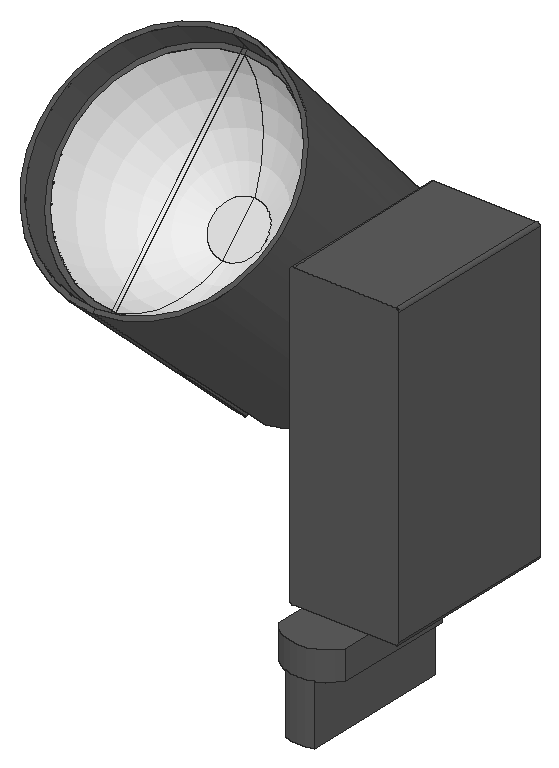
Revit family "0004889 Feilo Sylvania Lighting Fixture START TRACK SPOT L 35W 3K RA90 NB BLACK", category Lighting Fixtures, host Face, Revit 2017 (continued)
Definition of nested family "Start Track Spot Head"
  Types (96, lengths in mm): name | Wattage | built-in parameter 1150134 | Photometric Web File | Model | built-in parameter 1150105 | Lumens | built-in parameter 1150107 | built-in parameter 1150106 | HeadThickness_FEILO | HeadRibOffset_FEILO | HeadRibDepth_FEILO | HeadRibCutWidth_FEILO | HeadRibCutOffset_FEILO | HeadReflectorRadius_FEILO | HeadReflectorOffset_FEILO | HeadLEDRadius_FEILO | HeadHeight_FEILO | HeadDiffusorOffset_FEILO | HeadDiaOut_FEILO | HeadDiaIn_FEILO | HeadAxisFromTop_FEILO | Emit from Circle Diameter | built-in parameter 1150104 | Description | Apparent Load
    0004812 START TRACK SPOT S 14W 3K RA80 MB WHITE | 14 W | (empty or 0) | "0004812.ies" | "START TRACK SPOT S 14W 3K RA80 MB WHITE" | 120.32 (stored number, unit not read) | 1512 lm | 3000 (stored number, unit not read) | 1.2032 (stored number, unit not read) | 1.5 | 4.179 | 55.714 | 7.167 | 50.87 | 50.588 | 55.714 | 9.556 | 117 | 9.435 | 86 | 77.477 | 69.354 | 77.477 | 10.034 (stored number, unit not read) | "Integrated LED spotlight, Textured White - RAL9016, compact and minimalist design, ideal for retail applications, die-cast aluminium body, passive cooling heatsink. Beam angle: 36°, color temperature: 3000K , total system power: 14W, total fixture output: 1508 lm, LOR: 100%, colour rendering: Ra: 80 typical, LED Chromaticity: 3 step MacAdam ellipse, lifetime: >50000 hours at L70B50, energy class: A++, A+, A, IR/UV free light source without heat radiation, operating voltage: 220-240V / 50-60Hz, drive current: 350mA, electronic driver, non-dimmable, power factor: 0.92, electrical protection: Class II, Global Track 3 Phase adapter suitable for Global trac 3-circuit tracks, ingress protection rating: IP20, suitable for internal environment only, horizontal rotation: 355°, vertical tilt: 90°, dimensions: Ø86x140x200, weight: 0.940kg." | 14 VA
    0004811 START TRACK SPOT S 14W 3K RA80 NB WHITE | 14 W | (empty or 0) | "0004811.ies" | "START TRACK SPOT S 14W 3K RA80 NB WHITE" | 123.66 (stored number, unit not read) | 1554 lm | 3000 (stored number, unit not read) | 1.2366 (stored number, unit not read) | 1.5 | 4.179 | 55.714 | 7.167 | 50.87 | 50.588 | 55.714 | 9.556 | 117 | 9.435 | 86 | 77.477 | 69.354 | 77.477 | 10.312 (stored number, unit not read) | "Integrated LED spotlight, Textured White - RAL9016, compact and minimalist design, ideal for retail applications, die-cast aluminium body, passive cooling heatsink. Beam angle: 12°, color temperature: 3000K , total system power: 14W, total fixture output: 1551 lm, LOR: 100%, colour rendering: Ra: 80 typical, LED Chromaticity: 3 step MacAdam ellipse, lifetime: >50000 hours at L70B50, energy class: A++, A+, A, IR/UV free light source without heat radiation, operating voltage: 220-240V / 50-60Hz, drive current: 350mA, electronic driver, non-dimmable, power factor: 0.92, electrical protection: Class II, Global Track 3 Phase adapter suitable for Global trac 3-circuit tracks, ingress protection rating: IP20, suitable for internal environment only, horizontal rotation: 355°, vertical tilt: 90°, dimensions: Ø86x140x200, weight: 0.940kg." | 14 VA
  Reference planes
    plane 1 "Center (Front/Back)": y = 0
    plane 2: z = 0
    plane 3 "Center (Left/Right)": x = 0
    plane 4: x = 43
    plane 5: x = -43
    plane 6: x = -38.739
    plane 7: x = 38.739
    plane 8: z = 69.354
    plane 9: z = -47.646
    plane 10: x = -41.5
    plane 11: x = -37.239
    plane 12: z = -38.211
    plane 13: z = -35.211
    plane 14: z = 8.068
    plane 15: x = -9.556
    plane 16: x = -28.667
    plane 17: x = -19.111
    plane 18: x = -27.167
    plane 19: x = -17.611
    plane 20: x = -8.056
    plane 21: z = 13.64
    plane 22: x = -29.667
    plane 23: x = -26.167
    plane 24: x = -20.111
    plane 25: x = -16.611
    plane 26: x = -10.556
    plane 27: x = -7.056
    plane 28: x = -36.239
    plane 29: x = -40.5
    plane 30: z = 65.175
    plane 31: z = 60.997
    plane 32: z = 56.818
    plane 33: z = 18.484
    plane 34: y = -43
    plane 35: y = 43
    plane 36: y = 3.583
    plane 37: y = -3.583
    plane 38: y = -2.583
    plane 39: y = 2.583
    plane 40: y = 46
    plane 41: z = 13.5
    plane 42: z = -13.5
    plane 43: y = 39
    plane 44: x = 4.708
    plane 45: x = -2.458
    plane 46: x = -1.458
    plane 47: x = 1.458
  Forms (mm)
    Extrusion 1, solid
      sketch origin (4.2, 0, 0) x (1, 0, 0) y (0, 1, 0)
        loop
          line (-1219.2, 1219.2) -> (-1219.2, -1219.2) -> (1219.2, -1219.2) -> (1219.2, 1219.2) -> (-1219.2, 1219.2)
      from 0 to -68.017
    Revolve 2, solid, material <- "Material_1_FEILO", detail levels medium+fine
      sketch origin (0, 0, 0) x (1, 0, 0) y (0, 0, 1)
        loop
          line (-43, -47.646) -> (-41.5, -47.646) -> (-40.5, -35.211) -> (-38.739, -35.211)
          arc (-38.739, -35.211) -> (-30.16, -9.517) -> (-9.556, 8.068) r 50.588
          line (-9.556, 8.068) -> (0, 8.068) -> (0, 13.64) -> (-16.611, 13.64) -> (-17.611, 60.997) -> (-19.111, 60.997) -> (-20.111, 13.64) -> (-36.239, 13.64) -> (-37.239, 69.354) -> (-38.739, 69.354) -> (-43, -47.646)
        axis (0, 69.354) -> (0, -47.646)
      angle from 360 to 0
    Extrusion 3, void
      sketch origin (0, 0, 0) x (0, 1, 0) y (0, 0, 1)
        loop
          line (-3.583, 69.354) -> (-2.583, 18.484) -> (1.932, 18.484) -> (2.932, 69.354) -> (-3.583, 69.354)
      from 43 to -43
    Revolve 4, solid, material <- "Material_2_FEILO", detail levels medium+fine
      sketch origin (0, 0, 0) x (1, 0, 0) y (0, 0, 1)
        loop
          line (-41.5, -38.211) -> (0, -38.211) -> (0, -35.211) -> (-41.5, -35.211) -> (-41.5, -38.211)
        axis (0, -35.211) -> (0, -38.211)
      angle from 360 to 0
    Revolve 5, solid, material <- "Material_1_FEILO"
      sketch origin (0, 0, 0) x (0, 1, 0) y (0, 0, 1)
        loop
          line (46, 0) -> (39, 0) -> (39, -13.5) -> (46, -13.5) -> (46, 0)
        axis (39, 0) -> (46, 0)
      angle from 360 to 0
    Revolve 6, solid, material <- "Material_1_FEILO", detail levels medium+fine
      sketch origin (0, 0, 0) x (1, 0, 0) y (0, 0, 1)
        loop
          line (-29.667, 13.64) -> (-26.167, 13.64) -> (-27.167, 65.175) -> (-28.667, 65.175) -> (-29.667, 13.64)
        loop
          line (-10.556, 13.64) -> (-7.056, 13.64) -> (-7.833, 56.818) -> (-9.778, 56.818) -> (-10.556, 13.64)
        axis (0, 65.175) -> (0, 13.64)
      angle from 360 to 0
    Extrusion 7, void
      sketch origin (0, 0, 0) x (1, 0, 0) y (0, 0, 1)
        loop
          line (4.708, 69.354) -> (-2.458, 69.354) -> (-1.458, 13.64) -> (1.458, 13.64) -> (4.708, 69.354)
      from -43 to 43
    Revolve 8, solid, material <- "Material_1_FEILO", detail levels coarse
      sketch origin (0, 0, 0) x (1, 0, 0) y (0, 0, 1)
        loop
          line (0, 69.354) -> (-38.739, 69.354) -> (-43, -47.646) -> (-41.5, -47.646) -> (-40.731, -38.211) -> (0, -38.211) -> (0, 69.354)
        axis (0, 69.354) -> (0, -47.646)
      angle from 360 to 0
  Cuts and joins
    Extrusion 3 cuts Revolve 2
    Extrusion 7 cuts Revolve 6
  Dimensions and locks
    equal spacing: plane 7, plane 3 "Center (Left/Right)", plane 6
    equal spacing: plane 4, plane 3 "Center (Left/Right)", plane 5
    "HeadDiaOut_FEILO": plane 4 to plane 5
    "HeadDiaIn_FEILO": plane 7 to plane 6
    "HeadHeight_FEILO": plane 8 to plane 9
    "HeadThickness_FEILO": plane 10 to plane 5
    "HeadThickness_FEILO": plane 11 to plane 6
    "HeadDiffusorOffset_FEILO": plane 12 to plane 9
    "HeadDiffusorThickness_FEILO": plane 13 to plane 12
    "HeadReflectorOffset_FEILO": plane 14 to plane 9
    "HeadLEDRadius_FEILO": plane 3 "Center (Left/Right)" to plane 15
    "HeadLEDRadius_FEILO": plane 15 to plane 17
    "HeadLEDRadius_FEILO": plane 17 to plane 16
    "HeadThickness_FEILO": plane 18 to plane 16
    "HeadThickness_FEILO": plane 19 to plane 17
    "HeadThickness_FEILO": plane 20 to plane 15
    "HeadRibDepth_FEILO": plane 8 to plane 21
    "HeadDraft_FEILO": plane 16 to plane 22
    "HeadDraft_FEILO": plane 23 to plane 18
    "HeadDraft_FEILO": plane 17 to plane 24
    "HeadDraft_FEILO": plane 25 to plane 19
    "HeadDraft_FEILO": plane 15 to plane 26
    "HeadDraft_FEILO": plane 27 to plane 20
    "HeadDraft_FEILO": plane 29 to plane 10
    "HeadDraft_FEILO": plane 28 to plane 11
    "HeadRibOffset_FEILO": plane 8 to plane 30
    "HeadRibOffset_FEILO": plane 30 to plane 31
    "HeadRibOffset_FEILO": plane 31 to plane 32
    "HeadAxisFromTop_FEILO": plane 8 to plane 2
    "HeadRibCutOffset_FEILO": plane 8 to plane 33
    equal spacing: plane 34, plane 1 "Center (Front/Back)", plane 35
    "HeadDiaOut_FEILO": plane 34 to plane 35
    equal spacing: plane 38, plane 1 "Center (Front/Back)", plane 39
    equal spacing: plane 37, plane 1 "Center (Front/Back)", plane 36
    "HeadRibCutWidth_FEILO": plane 37 to plane 36
    "HeadDraft_FEILO": plane 37 to plane 38
    locked: plane 35 to plane 40 at 3
    equal spacing: plane 41, plane 2, plane 42
    locked: plane 42 to plane 41 at 27
    locked: plane 43 to plane 35 at 4
    equal spacing: plane 45, imposter light, plane 44
    "HeadDraft_FEILO": plane 46 to plane 45
    "HeadRibCutWidth_FEILO": plane 44 to plane 45
    equal spacing: plane 47, plane 3 "Center (Left/Right)", plane 46
    "HeadReflectorRadius_FEILO": radius of Revolve 2 sketch curve
    aligned and locked: plane 2 to Extrusion 1
    aligned and locked: level to Extrusion 1
    aligned and locked: Revolve 2 sketch curve to plane 3 "Center (Left/Right)"  (x2)
    aligned and locked: plane 9 to Revolve 2 sketch curve  (x2)
    aligned and locked: plane 5 to Revolve 2 sketch curve
    aligned and locked: plane 10 to Revolve 2 sketch curve
    aligned and locked: plane 14 to Revolve 2 sketch curve
    aligned and locked: plane 8 to Revolve 2 sketch curve
    aligned and locked: Revolve 2 sketch curve to plane 13
    aligned and locked: plane 12 to Revolve 4 sketch curve
    aligned and locked: plane 3 "Center (Left/Right)" to Revolve 4 sketch curve
    aligned and locked: Revolve 4 sketch curve to plane 10
    aligned and locked: Revolve 4 sketch curve to plane 3 "Center (Left/Right)"
    aligned and locked: plane 12 to imposter light
    aligned and locked: imposter light to plane 1 "Center (Front/Back)"
    aligned and locked: Revolve 5 sketch curve to plane 2
    aligned and locked: plane 43 to Revolve 5 sketch curve
    aligned and locked: plane 42 to Revolve 5 sketch curve
    aligned and locked: Revolve 6 sketch curve to plane 3 "Center (Left/Right)"
    aligned and locked: plane 22 to Revolve 6 sketch curve
    aligned and locked: plane 30 to Revolve 6 sketch curve
    aligned and locked: plane 23 to Revolve 6 sketch curve
    aligned and locked: Revolve 6 sketch curve to plane 21  (x2)
    aligned and locked: plane 21 to Revolve 6 sketch curve
    aligned and locked: plane 17 to Revolve 2 sketch curve
    aligned and locked: plane 19 to Revolve 2 sketch curve
    aligned and locked: plane 31 to Revolve 2 sketch curve
    aligned and locked: plane 21 to Revolve 2 sketch curve
    aligned and locked: Extrusion 3 to plane 8
    aligned and locked: plane 33 to Extrusion 3
    aligned and locked: plane 8 to Extrusion 3 sketch curve
    aligned and locked: Extrusion 3 sketch curve to plane 33
    aligned and locked: Extrusion 3 to plane 5
    aligned and locked: plane 4 to Extrusion 3
    aligned and locked: plane 32 to Revolve 6 sketch curve
    aligned and locked: plane 44 to Extrusion 7 sketch curve
    aligned and locked: Extrusion 7 sketch curve to plane 8
    aligned and locked: plane 46 to Extrusion 7 sketch curve
    aligned and locked: plane 21 to Extrusion 7 sketch curve
    aligned and locked: plane 34 to Extrusion 7
    aligned and locked: Extrusion 7 to plane 35
    aligned and locked: Revolve 4 sketch curve to plane 13
    aligned and locked: Revolve 5 sketch curve to plane 40
    aligned and locked: Revolve 8 sketch curve to plane 3 "Center (Left/Right)"
    aligned and locked: Revolve 8 sketch curve to cut or joined group of Revolve 2, Extrusion 3  (x3)
    aligned and locked: plane 5 to Revolve 8 sketch curve
    aligned and locked: plane 3 "Center (Left/Right)" to Revolve 8 sketch curve
    aligned and locked: plane 12 to Revolve 8 sketch curve
  Automatic sketch dimensions
    Extrusion 1 sketch curve to Extrusion 1 sketch curve = 2438.4 mm  (x2)
    Extrusion 3 sketch curve to plane 37 = 0 mm
    Extrusion 3 sketch curve to plane 38 = 0 mm
    plane 39 to Extrusion 3 sketch curve = 0.651 mm
    Extrusion 3 sketch curve to plane 39 = 0.349 mm
    Revolve 6 sketch curve to plane 16 = 0 mm
    Revolve 6 sketch curve to plane 18 = 0 mm
    Revolve 6 sketch curve to plane 26 = 0 mm
    Revolve 6 sketch curve to plane 27 = 0 mm
    Revolve 6 sketch curve to plane 15 = 0.222 mm
    plane 9 to Revolve 6 sketch curve = 559.103 mm
    Revolve 6 sketch curve to plane 8 = 2535.555 mm
    plane 20 to Revolve 6 sketch curve = 0.222 mm
    Revolve 2 sketch curve to plane 29 = 0 mm
    Revolve 2 sketch curve to plane 6 = 0 mm  (x2)
    Revolve 2 sketch curve to plane 11 = 0 mm
    Revolve 2 sketch curve to plane 21 = 0 mm
    Revolve 2 sketch curve to plane 28 = 0 mm
    Revolve 2 sketch curve to plane 24 = 0 mm
    Revolve 2 sketch curve to plane 25 = 0 mm
    Revolve 2 sketch curve to plane 15 = 0 mm
    Revolve 2 sketch curve to Revolve 2 sketch curve = 557.155 mm
    Revolve 2 sketch curve to plane 8 = 2535.558 mm
    Extrusion 7 sketch curve to plane 45 = 0 mm
    Extrusion 7 sketch curve to plane 47 = 0 mm
    plane 9 to Revolve 4 sketch curve = 559.103 mm
    Revolve 4 sketch curve to plane 8 = 2535.555 mm
    Revolve 5 sketch curve to level = 0 mm
    plane 34 to Revolve 5 sketch curve = 1968.092 mm
    Revolve 5 sketch curve to plane 40 = 1405.763 mm
    Revolve 8 sketch curve to plane 6 = 0 mm
    Revolve 8 sketch curve to plane 29 = 0.231 mm
    plane 9 to Revolve 8 sketch curve = 559.103 mm
    Revolve 8 sketch curve to Revolve 8 sketch curve = 2535.555 mm
Definition of nested family "Start Track Spot Box"
  Parameters (values of type "Type Large White")
    URL = "http://www.feilosylvania.com"
    Type Image = (empty or 0)
    Type Comments = "n/a"
    Small_FEILO = no
    Material_3_FEILO = none
    Model = ""
    Manufacturer = "Feilo Sylvania"
    Keynote = ""
    Material_2_FEILO = none
    Description = ""
    Default Elevation = 1219.2 mm
    Cost = 0
    Material_1_FEILO = none
    BoxWidth_FEILO = 49 mm
    BoxStartAngle_FEILO [instance] = 0.00°
    BoxRadius_FEILO = 1.5 mm
    BoxHeight_FEILO = if(Small_FEILO, 112 mm, 136 mm)  # 136 mm
    BoxEndAngle_FEILO [instance] = BoxStartAngle_FEILO - 180.00°  # -180.00°
    BoxDepth_FEILO = if(Small_FEILO, 71.5 mm, 79 mm)  # 79 mm
    BoxAxisVerticalOffset_FEILO = 16 mm
    BoxAxisOffset_FEILO = BoxHeight_FEILO / 6.8  # 20 mm
    Assembly Code = ""
    Material_4_FEILO = none
  Types (4, lengths in mm): name | Small_FEILO | BoxHeight_FEILO | BoxDepth_FEILO | BoxAxisOffset_FEILO
    Type Large White | no | 136 | 79 | 20
    Type Small White | yes | 112 | 71.5 | 16.471
    Type Small Black | yes | 112 | 71.5 | 16.471
    Type Large Black | no | 136 | 79 | 20
  Reference planes
    plane 1 "Center (Front/Back)": y = 0
    plane 2: z = 0
    plane 3 "Center (Left/Right)": x = 0
    plane 4: x = 24.5
    plane 5: x = -24.5
    plane 6: y = 68
    plane 7: y = -68
    plane 8: z = 39.5
    plane 9: z = -39.5
    plane 10: y = -48
    plane 11: x = 30.5
    plane 12: x = 8.5
    plane 13: x = 21.5
    plane 14: y = 70
    plane 15: y = 72
    plane 16: x = 19.5
  Forms (mm)
    Extrusion 1, solid
      sketch origin (4.2, 0, 0) x (1, 0, 0) y (0, 1, 0)
        loop
          line (-1219.2, 1219.2) -> (-1219.2, -1219.2) -> (1219.2, -1219.2) -> (1219.2, 1219.2) -> (-1219.2, 1219.2)
      from 0 to -68.017
    Extrusion 2, solid, material <- "Material_1_FEILO"
      sketch origin (0, 0, 0) x (1, 0, 0) y (0, 1, 0)
        loop
          arc (-23, 68) -> (-24.061, 67.561) -> (-24.5, 66.5) r 1.5
          line (-24.5, 66.5) -> (-24.5, -66.5)
          arc (-24.5, -66.5) -> (-24.061, -67.561) -> (-23, -68) r 1.5
          line (-23, -68) -> (23, -68)
          arc (23, -68) -> (24.061, -67.561) -> (24.5, -66.5) r 1.5
          line (24.5, -66.5) -> (24.5, 66.5)
          arc (24.5, 66.5) -> (24.061, 67.561) -> (23, 68) r 1.5
          line (23, 68) -> (-23, 68)
      from -39.5 to 39.5
    Revolve 3, solid, not visible
      sketch origin (0, 0, 0) x (1, 0, 0) y (0, 1, 0)
        loop
          line (30.5, -48) -> (24.5, -48) -> (24.5, -68) -> (30.5, -68) -> (30.5, -48)
        axis (30.5, -48) -> (24.5, -48)
      angle from 0 <- "BoxStartAngle_FEILO" to -180 <- "BoxEndAngle_FEILO"
    Revolve 4, solid, material <- "Material_2_FEILO"
      sketch origin (0, 0, 0) x (1, 0, 0) y (0, 1, 0)
        loop
          line (8.5, 68) -> (19.5, 68) -> (19.5, 70) -> (21.5, 70) -> (21.5, 72) -> (8.5, 72) -> (8.5, 68)
        axis (8.5, 72) -> (8.5, 68)
      angle from 360 to 0
  Dimensions and locks
    equal spacing: plane 5, plane 3 "Center (Left/Right)", plane 4
    "BoxWidth_FEILO": plane 5 to plane 4
    equal spacing: plane 7, plane 1 "Center (Front/Back)", plane 6
    "BoxHeight_FEILO": plane 7 to plane 6
    equal spacing: plane 8, plane 2, plane 9
    "BoxDepth_FEILO": plane 8 to plane 9
    "BoxAxisOffset_FEILO": plane 7 to plane 10
    locked: plane 4 to plane 11 at 6
    "BoxAxisVerticalOffset_FEILO": plane 12 to plane 4
    locked: plane 12 to plane 13 at 13
    plane 6 to plane 14 to plane 15 = 2 mm locked, 2 mm locked
    locked: plane 12 to plane 16 at 11
    "BoxRadius_FEILO": radius of Extrusion 2 sketch curve  (x4)
    aligned and locked: plane 2 to Extrusion 1
    aligned and locked: level to Extrusion 1
    aligned and locked: plane 6 to Extrusion 2 sketch curve
    aligned and locked: plane 5 to Extrusion 2 sketch curve
    aligned and locked: Extrusion 2 sketch curve to plane 7
    aligned and locked: Extrusion 2 sketch curve to plane 4
    aligned and locked: Extrusion 2 to plane 8
    aligned and locked: plane 9 to Extrusion 2
    aligned and locked: Revolve 3 sketch curve to plane 10  (x2)
    aligned and locked: plane 11 to Revolve 3 sketch curve
    aligned and locked: Revolve 3 sketch curve to plane 4
    aligned and locked: plane 7 to Revolve 3 sketch curve
    aligned and locked: Revolve 4 sketch curve to plane 12
    aligned and locked: plane 6 to Revolve 4 sketch curve
    aligned and locked: plane 12 to Revolve 4 sketch curve
    aligned and locked: plane 15 to Revolve 4 sketch curve
    aligned and locked: Revolve 4 sketch curve to plane 13
    aligned and locked: Revolve 4 sketch curve to plane 14
    aligned and locked: Revolve 4 sketch curve to plane 16
    aligned and locked: Revolve 4 sketch curve to plane 6
  Automatic sketch dimensions
    Extrusion 1 sketch curve to Extrusion 1 sketch curve = 2438.4 mm  (x2)
    Revolve 3 sketch curve to plane 5 = 1499.5 mm
    plane 11 to Revolve 3 sketch curve = 1493.5 mm
    plane 15 to Revolve 4 sketch curve = 0 mm
    plane 7 to Revolve 4 sketch curve = 1456 mm
    Revolve 4 sketch curve to plane 15 = 1452 mm
